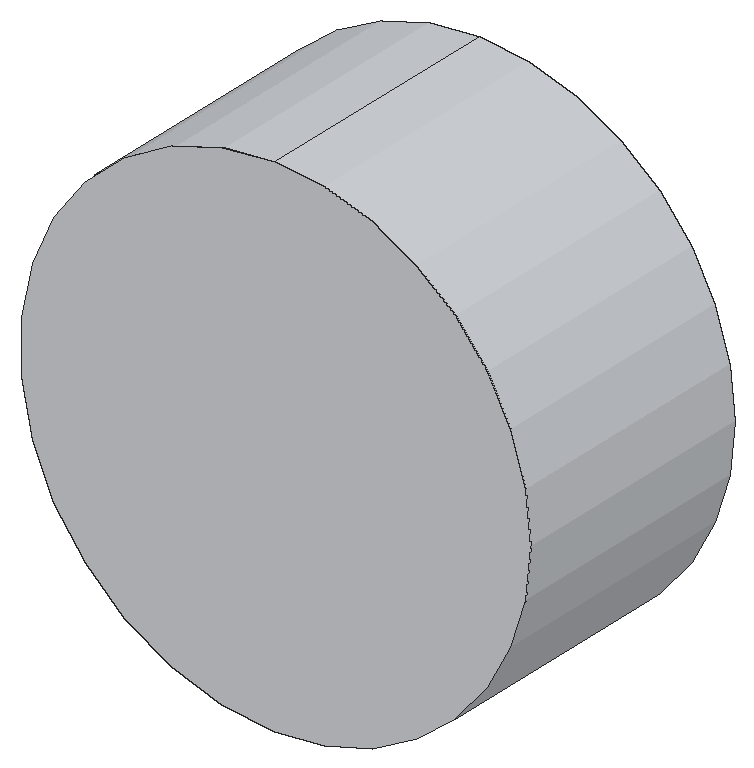
Revit family "MULBH411015", category Pipe Fittings, Revit 2018
Family settings
  Round Connector Dimension = Use Diameter
  Part Type = Elbow
  OmniClass Number = 23.60.30.11
  OmniClass Title = Pipework Products for General Use
  Work Plane-Based = No
  Always vertical = Yes
  Cut with Voids When Loaded = No
  Shared = No
Parameters (values of type "Standard")
  URL = "https://trekput.nl/productPage.php?id=MULBH411015"
  Part Number = "MULBH411015"
  Model = "MULBH411015"
  Manufacturer = "PowerCast"
  Loss Method = Not Defined
  Designer = "eugeneraaijmakers"
  Design Status = 1
  Description = "Multiduct 4*110 Bend Horizontal 15°"
  Date Created = "24-2-2025 10:59:32"
  Author = "eugeneraaijmakers"
Reference planes
  plane 1 "Center (Front/Back)": y = 0
  plane 2: z = 0
  plane 3 "Center (Left/Right)": x = 0
Forms (mm)
  Extrusion 1, solid
    sketch origin (0, 6.35, -2.894) x (0, 0, -1) y (1, 0, 0)
      loop
        circle (0, 0) r 3.048
    from 0 to -3.048
Dimensions and locks
  aligned and locked: level to plane 2
Connectors
  hvac at (0, 6.35, -2.894)
    settings: on Extrusion 1, index 1, duct flow 0.0 L/s, flow factor 0, pres drop 0.0 Pa, loss coef 0, conn angle 0.00°, conn width 304.8 mm, conn height 304.8 mm, conn diameter 609.6 mm, duct sys type 4, conn prof type 1, flow config 1, flow direction 1, loss method 0, conn ref index -1, conn util no, is conn primary yes, conn desc "Multiduct 4*110 Bend Horizontal 15°"
